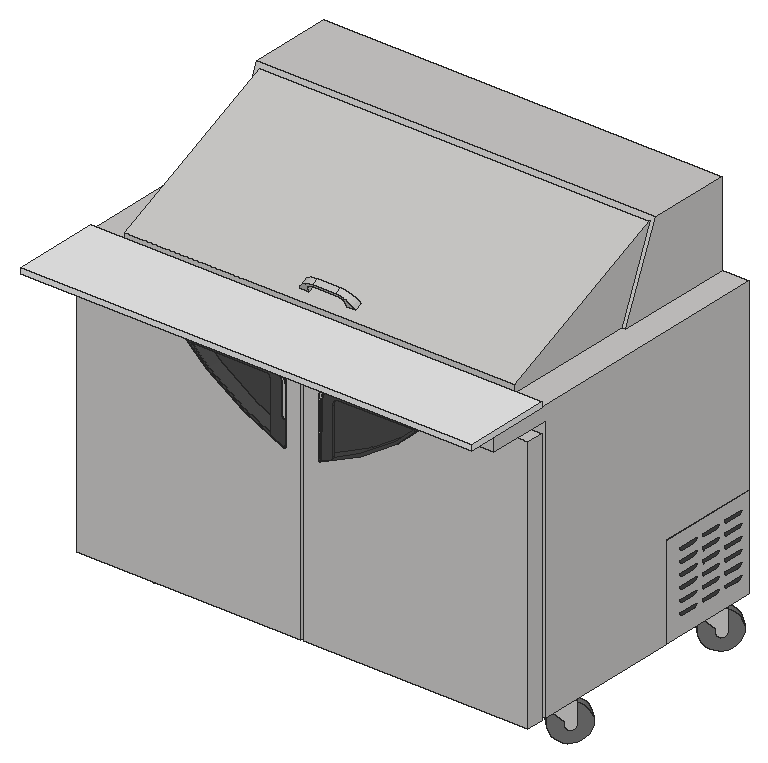
Revit family "QF_Turbo Air_TST-48SD-1842703f19-0250-4ab9-a8a5-928e6c5f2d5a", category Specialty Equipment, Revit 2012
Parameters
  Weight in Pounds = 264
  Watermarked By = "http://revitwatermark.com"
  Volts = 115 V
  URL Cutsheet = ""
  URL = "www.turboairinc.com"
  Status [instance] = ""
  Specification by User [instance] = ""
  Specification by Manufacturer [instance] = ""
  Serial Number [instance] = ""
  Revision Code [instance] = ""
  Phase = 1
  Number of Poles [instance] = 1
  NAFEM Spec ID Number [instance] = ""
  Model = "TST-48SD-18"
  Masterspec [instance] = ""
  Manufacturer = "Turbo Air"  # constant formula
  Legs [instance] = [6 inch Legs]  # no
  Item Number [instance] = "-"
  Installed By [instance] = ""
  HP = "1/3"
  Furnished By [instance] = ""
  Foodservice Equipment Identifier = yes
  FL Amps = 6.5 A
  Electrical Remarks [instance] = ""
  Electric Connection Type [instance] = ""
  Elec Conn RI Height [instance] = 0' - 0"
  Elec Conn Connection Height = 1' - 0"
  Description = "Mega Top Unit"
  Cycle = 60 Hz
  Conn Plug = "NEMA 5-15P"
  Casters [instance] = not(Legs)  # yes
  CasterLeg Height [instance] = if([4 inch Casters], 0' 5", if([5 inch Casters], 0' 5 3/4", if([2_5 inch Casters], 0' 3 3/8", 0' 6")))  # 0' - 5"
  CSI MasterFormat = "11 41 13"
  Assembly Code = "E1090320"
  Apparent Power = if(Phase = 3, Volts * FL Amps * 1.73, Volts * FL Amps)  # 747.5 VA
  6 inch Legs [instance] = no
  5 inch Casters [instance] = no
  4 inch Casters [instance] = yes
  2_5 inch Casters [instance] = no
Reference planes (in)
  plane 1 "BACK": y = 0
  plane 2: z = 0
  plane 3 "LEFT": x = -20.78844
  plane 4 "Bottom": z = 5
  plane 5 "Back Stops": y = 1
  plane 6 "RIGHT": x = 27.46156
  plane 7 "Door Clearance": y = -51.75
  plane 8 "Counter Top": z = 35
  plane 9 "TOP": z = 44
  plane 10 "Top of Door": z = 32.5
  plane 11 "Handle LR": x = 3.33656
  plane 12 "Lid Clearance": z = 50.875
  plane 13 "Front of Ledge": y = -34
  plane 14 "FRONT": y = -37
  plane 15 "Front of Door": y = -29.5
  plane 16 "Front of Box": y = -27.125
  plane 17 "Left of Lid Cover": x = -17.97594
  plane 18 "Left of Lid": x = -17.47594
  plane 19 "Right of Lid Cover": x = 24.64906
  plane 20 "Right of Lid": x = 24.14906
  plane 21: x = 3.52406
  plane 22: x = 3.14906
Forms (in)
  Extrusion 1, solid, material "QF_Finishes_Stainless Steel"
    sketch origin (-20.78844, 0, 0) x (0, 1, 0) y (0, 0, 1)
      loop
        line (0, 5) -> (0, 35) -> (-34, 35) -> (-34, 33.5) -> (-27.125, 33.5) -> (-27.125, 5) -> (0, 5)
    from 0 to 48.25
  Extrusion 2, solid, material "QF_Finishes_Black"
    sketch origin (0, -27.125, 0) x (1, 0, 0) y (0, 0, 1)
      loop
        line (4.52406, 31.5) -> (4.52406, 6) -> (26.46156, 6) -> (26.46156, 31.5) -> (4.52406, 31.5)
      loop
        line (-19.78844, 31.5) -> (-19.78844, 6) -> (2.14906, 6) -> (2.14906, 31.5) -> (-19.78844, 31.5)
    from 0 to 0.5
  Extrusion 3, solid, material "QF_Finishes_Stainless Steel"
    sketch origin (-17.97594, 0, 0) x (0, 1, 0) y (0, 0, 1)
      loop
        line (0, 35) -> (0, 44) -> (-8.875, 44) -> (-12.8125, 35) -> (0, 35)
    from 0 to 42.625
  Extrusion 4, solid, material "QF_Finishes_Stainless Steel"
    sketch origin (-17.47594, 0, 0) x (0, 1, 0) y (0, 0, 1)
      loop
        line (-12.8125, 35) -> (-9.07541, 43.54192) -> (-27.125, 35.75) -> (-27.125, 35) -> (-12.8125, 35)
    from 0 to 41.625
  Extrusion 5, solid, material "QF_Finishes_Stainless Steel"
    sketch origin (-8.25, -9.80904, -0.49896) x (1, 0, 0) y (0, -0.396341, 0.918103)
      loop
        line (13.58656, 40.14331) -> (14.58656, 40.14331)
        arc (14.58656, 40.14331) -> (13.91185, 41.04872) -> (12.83656, 41.39331) r 1.85
        line (12.83656, 41.39331) -> (10.33656, 41.39331)
        arc (10.33656, 41.39331) -> (9.26127, 41.04872) -> (8.58656, 40.14331) r 1.85
        line (8.58656, 40.14331) -> (9.58656, 40.14331) -> (9.58656, 40.64331)
        arc (9.58656, 40.64331) -> (9.73301, 40.99687) -> (10.08656, 41.14331) r 0.5
        line (10.08656, 41.14331) -> (13.08656, 41.14331)
        arc (13.08656, 41.14331) -> (13.44011, 40.99687) -> (13.58656, 40.64331) r 0.5
        line (13.58656, 40.64331) -> (13.58656, 40.14331)
    from -0.375 to 0.375
  Extrusion 6, void
    sketch origin (27.46156, 0, 0) x (0, 1, 0) y (0, 0, 1)
      loop
        line (0, 5) -> (0, 15) -> (-11, 15) -> (-11, 5) -> (0, 5)
    from 0 to -1
  Extrusion 7, solid, material "QF_Finishes_Stainless Steel"
    sketch origin (27.46156, 0, 0) x (0, 1, 0) y (0, 0, 1)
      loop
        line (-10.875, 14.875) -> (-10.875, 5) -> (0, 5) -> (0, 14.875) -> (-10.875, 14.875)
      loop
        arc (-9.25, 13.5) -> (-9.10355, 13.14645) -> (-8.75, 13) r 0.5
        line (-8.75, 13) -> (-7.25, 13)
        arc (-7.25, 13) -> (-6.89645, 13.14645) -> (-6.75, 13.5) r 0.5
        line (-6.75, 13.5) -> (-9.25, 13.5)
      loop
        arc (-6.25, 13.5) -> (-6.10355, 13.14645) -> (-5.75, 13) r 0.5
        line (-5.75, 13) -> (-4.25, 13)
        arc (-4.25, 13) -> (-3.89645, 13.14645) -> (-3.75, 13.5) r 0.5
        line (-3.75, 13.5) -> (-6.25, 13.5)
      loop
        arc (-3.25, 13.5) -> (-3.10355, 13.14645) -> (-2.75, 13) r 0.5
        line (-2.75, 13) -> (-1.25, 13)
        arc (-1.25, 13) -> (-0.89645, 13.14645) -> (-0.75, 13.5) r 0.5
        line (-0.75, 13.5) -> (-3.25, 13.5)
      loop
        arc (-9.25, 12.25) -> (-9.10355, 11.89645) -> (-8.75, 11.75) r 0.5
        line (-8.75, 11.75) -> (-7.25, 11.75)
        arc (-7.25, 11.75) -> (-6.89645, 11.89645) -> (-6.75, 12.25) r 0.5
        line (-6.75, 12.25) -> (-9.25, 12.25)
      loop
        arc (-6.25, 12.25) -> (-6.10355, 11.89645) -> (-5.75, 11.75) r 0.5
        line (-5.75, 11.75) -> (-4.25, 11.75)
        arc (-4.25, 11.75) -> (-3.89645, 11.89645) -> (-3.75, 12.25) r 0.5
        line (-3.75, 12.25) -> (-6.25, 12.25)
      loop
        arc (-3.25, 12.25) -> (-3.10355, 11.89645) -> (-2.75, 11.75) r 0.5
        line (-2.75, 11.75) -> (-1.25, 11.75)
        arc (-1.25, 11.75) -> (-0.89645, 11.89645) -> (-0.75, 12.25) r 0.5
        line (-0.75, 12.25) -> (-3.25, 12.25)
      loop
        arc (-9.25, 11) -> (-9.10355, 10.64645) -> (-8.75, 10.5) r 0.5
        line (-8.75, 10.5) -> (-7.25, 10.5)
        arc (-7.25, 10.5) -> (-6.89645, 10.64645) -> (-6.75, 11) r 0.5
        line (-6.75, 11) -> (-9.25, 11)
      loop
        arc (-6.25, 11) -> (-6.10355, 10.64645) -> (-5.75, 10.5) r 0.5
        line (-5.75, 10.5) -> (-4.25, 10.5)
        arc (-4.25, 10.5) -> (-3.89645, 10.64645) -> (-3.75, 11) r 0.5
        line (-3.75, 11) -> (-6.25, 11)
      loop
        arc (-3.25, 11) -> (-3.10355, 10.64645) -> (-2.75, 10.5) r 0.5
        line (-2.75, 10.5) -> (-1.25, 10.5)
        arc (-1.25, 10.5) -> (-0.89645, 10.64645) -> (-0.75, 11) r 0.5
        line (-0.75, 11) -> (-3.25, 11)
      loop
        arc (-9.25, 9.75) -> (-9.10355, 9.39645) -> (-8.75, 9.25) r 0.5
        line (-8.75, 9.25) -> (-7.25, 9.25)
        arc (-7.25, 9.25) -> (-6.89645, 9.39645) -> (-6.75, 9.75) r 0.5
        line (-6.75, 9.75) -> (-9.25, 9.75)
      loop
        arc (-6.25, 9.75) -> (-6.10355, 9.39645) -> (-5.75, 9.25) r 0.5
        line (-5.75, 9.25) -> (-4.25, 9.25)
        arc (-4.25, 9.25) -> (-3.89645, 9.39645) -> (-3.75, 9.75) r 0.5
        line (-3.75, 9.75) -> (-6.25, 9.75)
      loop
        arc (-3.25, 9.75) -> (-3.10355, 9.39645) -> (-2.75, 9.25) r 0.5
        line (-2.75, 9.25) -> (-1.25, 9.25)
        arc (-1.25, 9.25) -> (-0.89645, 9.39645) -> (-0.75, 9.75) r 0.5
        line (-0.75, 9.75) -> (-3.25, 9.75)
      loop
        arc (-9.25, 8.5) -> (-9.10355, 8.14645) -> (-8.75, 8) r 0.5
        line (-8.75, 8) -> (-7.25, 8)
        arc (-7.25, 8) -> (-6.89645, 8.14645) -> (-6.75, 8.5) r 0.5
        line (-6.75, 8.5) -> (-9.25, 8.5)
      loop
        arc (-6.25, 8.5) -> (-6.10355, 8.14645) -> (-5.75, 8) r 0.5
        line (-5.75, 8) -> (-4.25, 8)
        arc (-4.25, 8) -> (-3.89645, 8.14645) -> (-3.75, 8.5) r 0.5
        line (-3.75, 8.5) -> (-6.25, 8.5)
      loop
        arc (-3.25, 8.5) -> (-3.10355, 8.14645) -> (-2.75, 8) r 0.5
        line (-2.75, 8) -> (-1.25, 8)
        arc (-1.25, 8) -> (-0.89645, 8.14645) -> (-0.75, 8.5) r 0.5
        line (-0.75, 8.5) -> (-3.25, 8.5)
      loop
        arc (-9.25, 7.25) -> (-9.10355, 6.89645) -> (-8.75, 6.75) r 0.5
        line (-8.75, 6.75) -> (-7.25, 6.75)
        arc (-7.25, 6.75) -> (-6.89645, 6.89645) -> (-6.75, 7.25) r 0.5
        line (-6.75, 7.25) -> (-9.25, 7.25)
      loop
        arc (-6.25, 7.25) -> (-6.10355, 6.89645) -> (-5.75, 6.75) r 0.5
        line (-5.75, 6.75) -> (-4.25, 6.75)
        arc (-4.25, 6.75) -> (-3.89645, 6.89645) -> (-3.75, 7.25) r 0.5
        line (-3.75, 7.25) -> (-6.25, 7.25)
      loop
        arc (-3.25, 7.25) -> (-3.10355, 6.89645) -> (-2.75, 6.75) r 0.5
        line (-2.75, 6.75) -> (-1.25, 6.75)
        arc (-1.25, 6.75) -> (-0.89645, 6.89645) -> (-0.75, 7.25) r 0.5
        line (-0.75, 7.25) -> (-3.25, 7.25)
    from 0 to -1
  Extrusion 8, solid, material "QF_Finishes_Black"
    sketch origin (27.46156, 0, 0) x (0, 1, 0) y (0, 0, 1)
      loop
        line (-9.875, 13.95221) -> (-9.875, 6.20221) -> (-0.375, 6.20221) -> (-0.375, 13.95221) -> (-9.875, 13.95221)
    from -0.125 to -1
  Extrusion 9, solid, material "QF_Finishes_Black"
    sketch origin (0, 0, 0) x (1, 0, 0) y (0, 0, 1)
      loop
        circle (-14.66344, 30.1875) r 0.5
      loop
        circle (21.33656, 30.1875) r 0.5
    from 0 to -1
  Extrusion 10, solid, material "QF_Finishes_Stainless Steel"
    sketch origin (0, 0, 0) x (1, 0, 0) y (0, 0, 1)
      loop
        circle (23.46156, 11.125) r 0.25
    from 0 to -0.0625
  Extrusion 11, solid, material "QF_Finishes_White"
    sketch origin (-20.78844, 0, 0) x (0, 1, 0) y (0, 0, 1)
      loop
        line (-37, 35) -> (-27.625, 35) -> (-27.625, 35.5) -> (-37, 35.5) -> (-37, 35)
    from 0 to 48.25
  Extrusion 12, solid, material "QF_Finishes_Clearances", detail levels coarse
    sketch origin (-17.47594, 0, 0) x (0, 1, 0) y (0, 0, 1)
      loop
        arc (-16.49707, 50.65572) -> (-24.34172, 45.00726) -> (-27.125, 35.75) r 15.03231
        line (-27.125, 35.75) -> (-9.42266, 43.39202) -> (-15.77984, 50.875) -> (-16.49707, 50.65572)
    from 0 to 41.625
Cuts and joins
  Extrusion 6 cuts Extrusion 1
Lines and regions (in)
  symbolic lines
    curve 1: line (-20.78844, 0, 35) -> (27.46156, 0, 35)
    curve 2: line (-20.78844, -37, 35) -> (-20.78844, 0, 35)
    curve 3: line (27.46156, -37, 35) -> (-20.78844, -37, 35)
    curve 4: line (27.46156, 0, 35) -> (27.46156, -37, 35)
    curve 5: line (20.83656, 1, 35) -> (21.83656, 1, 35)
    curve 6: line (-15.16344, 1, 35) -> (-14.16344, 1, 35)
    curve 7: line (-15.16344, 1, 35) -> (-15.16344, 0, 35)
    curve 8: line (-14.16344, 1, 35) -> (-14.16344, 0, 35)
    curve 9: line (20.83656, 1, 35) -> (20.83656, 0, 35)
    curve 10: line (21.83656, 1, 35) -> (21.83656, 0, 35)
    curve 11: line (1.33656, -25.37519, 35) -> (0.33656, -25.37519, 35)
    curve 12: line (0.33656, -25.37519, 35) -> (0.33656, -26.07034, 35)
    curve 13: line (1.33656, -25.58383, 35) -> (1.33656, -25.37519, 35)
    curve 14: line (5.06641, -26.55919, 35) -> (2.09567, -26.55919, 35)
    curve 15: line (4.74906, -25.77153, 35) -> (1.84112, -25.77153, 35)
    curve 16: line (5.33656, -25.37519, 35) -> (5.33656, -25.56289, 35)
    curve 17: line (6.33656, -25.37519, 35) -> (5.33656, -25.37519, 35)
    curve 18: line (6.33656, -26.07034, 35) -> (6.33656, -25.37519, 35)
    curve 19: spline (6.33656, -26.07034, 35) -> (6.27964, -26.14047, 35) -> (6.21087, -26.20706, 35) -> (6.13093, -26.26945, 35) -> (6.04058, -26.32703, 35) -> (5.94073, -26.37924, 35) -> (5.83233, -26.42556, 35) -> (5.71646, -26.46556, 35) -> (5.59423, -26.49882, 35) -> (5.46685, -26.52504, 35) -> (5.33556, -26.54395, 35) -> (5.20165, -26.55537, 35) -> (5.06641, -26.55919, 35)
    curve 20: spline (1.84112, -25.77153, 35) -> (1.77526, -25.76992, 35) -> (1.71053, -25.76513, 35) -> (1.64803, -25.75724, 35) -> (1.58884, -25.74638, 35) -> (1.53396, -25.73274, 35) -> (1.48434, -25.71655, 35) -> (1.44082, -25.69809, 35) -> (1.40416, -25.67768, 35) -> (1.37497, -25.65566, 35) -> (1.35375, -25.63241, 35) -> (1.34088, -25.60833, 35) -> (1.33656, -25.58383, 35)
    curve 21: spline (5.33656, -25.56289, 35) -> (5.33153, -25.59012, 35) -> (5.31654, -25.61689, 35) -> (5.29184, -25.64273, 35) -> (5.25785, -25.66721, 35) -> (5.21515, -25.6899, 35) -> (5.16448, -25.71042, 35) -> (5.10671, -25.72841, 35) -> (5.04281, -25.74358, 35) -> (4.97388, -25.75565, 35) -> (4.90111, -25.76442, 35) -> (4.82574, -25.76974, 35) -> (4.74906, -25.77153, 35)
    curve 22: spline (2.09567, -26.55919, 35) -> (1.90096, -26.5553, 35) -> (1.70844, -26.54368, 35) -> (1.52025, -26.52446, 35) -> (1.33853, -26.49785, 35) -> (1.1653, -26.46415, 35) -> (1.0025, -26.42374, 35) -> (0.85197, -26.37708, 35) -> (0.71539, -26.32468, 35) -> (0.5943, -26.26714, 35) -> (0.49005, -26.20509, 35) -> (0.40382, -26.13925, 35) -> (0.33656, -26.07034, 35)
    curve 49: line (-20.78844, -27.625, 35) -> (27.46156, -27.625, 35)
    curve 50: line (-20.78844, -27.125, 35) -> (27.46156, -27.125, 35)
    curve 75: line (-17.97594, 0, 35) -> (-17.97594, -12.8125, 35)
    curve 76: line (-17.97594, -12.8125, 35) -> (-17.47594, -12.8125, 35)
    curve 77: line (24.64906, 0, 35) -> (24.64906, -12.8125, 35)
    curve 78: line (24.64906, -12.8125, 35) -> (24.14906, -12.8125, 35)
    curve 79: line (24.64906, -8.875, 35) -> (-17.97594, -8.875, 35)
    curve 80: line (-17.47594, -8.875, 35) -> (-17.47594, -27.125, 35)
    curve 81: line (24.14906, -27.125, 35) -> (24.14906, -8.875, 35)
  symbolic lines, style "QF_Clearances", detail levels coarse
    curve 23: line (27.46156, -37, 35) -> (27.46156, -51.75, 35)
    curve 24: arc (27.46156, -51.75, 35) -> (14.19212, -47.72286, 35) -> (5.39915, -37, 35) r 23.875
    curve 82: line (-20.78844, -37, 35) -> (-20.78844, -51.75, 35)
    curve 83: arc (-20.78844, -51.75, 35) -> (-7.519, -47.72286, 35) -> (1.27397, -37, 35) r 23.875
  symbolic lines, style "QF_Surface Details"
    curve 25: line (9.58656, -17.58908, 35) -> (9.58656, -13.59725, 35)
    curve 26: line (3.58656, -17.58908, 35) -> (3.58656, -13.59725, 35)
    curve 27: line (4.58656, -12.59725, 35) -> (8.58656, -12.59725, 35)
    curve 28: line (4.58656, -18.58908, 35) -> (8.58656, -18.58908, 35)
    curve 29: arc (8.58656, -12.59725, 35) -> (9.29367, -12.89014, 35) -> (9.58656, -13.59725, 35) r 1
    curve 30: arc (4.58656, -12.59725, 35) -> (3.87945, -12.89014, 35) -> (3.58656, -13.59725, 35) r 1
    curve 31: arc (3.58656, -17.58908, 35) -> (3.87945, -18.29619, 35) -> (4.58656, -18.58908, 35) r 1
    curve 32: arc (8.58656, -18.58908, 35) -> (9.29367, -18.29619, 35) -> (9.58656, -17.58908, 35) r 1
    curve 33: line (9.58656, -20.58908, 35) -> (9.58656, -24.51282, 35)
    curve 34: line (3.58656, -20.48748, 35) -> (3.58656, -24.58092, 35)
    curve 35: line (4.58656, -25.58092, 35) -> (8.51846, -25.58092, 35)
    curve 36: line (4.48495, -19.58908, 35) -> (8.58656, -19.58908, 35)
    curve 37: arc (8.51846, -25.58092, 35) -> (9.27372, -25.26808, 35) -> (9.58656, -24.51282, 35) r 1.0681
    curve 38: arc (4.58656, -25.58092, 35) -> (3.87945, -25.28803, 35) -> (3.58656, -24.58092, 35) r 1
    curve 39: arc (3.58656, -20.48748, 35) -> (3.84969, -19.85222, 35) -> (4.48495, -19.58908, 35) r 0.89839
    curve 40: arc (8.58656, -19.58908, 35) -> (9.29367, -19.88198, 35) -> (9.58656, -20.58908, 35) r 1
    curve 41: line (9.58656, -10.59725, 35) -> (9.58656, -6.60541, 35)
    curve 42: line (3.58656, -10.59725, 35) -> (3.58656, -6.60541, 35)
    curve 43: line (4.58656, -5.60541, 35) -> (8.58656, -5.60541, 35)
    curve 44: line (4.58656, -11.59725, 35) -> (8.58656, -11.59725, 35)
    curve 45: arc (8.58656, -5.60541, 35) -> (9.29367, -5.8983, 35) -> (9.58656, -6.60541, 35) r 1
    curve 46: arc (4.58656, -5.60541, 35) -> (3.87945, -5.8983, 35) -> (3.58656, -6.60541, 35) r 1
    curve 47: arc (3.58656, -10.59725, 35) -> (3.87945, -11.30435, 35) -> (4.58656, -11.59725, 35) r 1
    curve 48: arc (8.58656, -11.59725, 35) -> (9.29367, -11.30435, 35) -> (9.58656, -10.59725, 35) r 1
    curve 51: line (16.08656, -17.58908, 35) -> (16.08656, -13.59725, 35)
    curve 52: line (10.08656, -17.58908, 35) -> (10.08656, -13.59725, 35)
    curve 53: line (11.08656, -12.59725, 35) -> (15.08656, -12.59725, 35)
    curve 54: line (11.08656, -18.58908, 35) -> (15.08656, -18.58908, 35)
    curve 55: arc (15.08656, -12.59725, 35) -> (15.79367, -12.89014, 35) -> (16.08656, -13.59725, 35) r 1
    curve 56: arc (11.08656, -12.59725, 35) -> (10.37945, -12.89014, 35) -> (10.08656, -13.59725, 35) r 1
    curve 57: arc (10.08656, -17.58908, 35) -> (10.37945, -18.29619, 35) -> (11.08656, -18.58908, 35) r 1
    curve 58: arc (15.08656, -18.58908, 35) -> (15.79367, -18.29619, 35) -> (16.08656, -17.58908, 35) r 1
    curve 59: line (16.08656, -10.59725, 35) -> (16.08656, -6.60541, 35)
    curve 60: line (10.08656, -10.59725, 35) -> (10.08656, -6.60541, 35)
    curve 61: line (11.08656, -5.60541, 35) -> (15.08656, -5.60541, 35)
    curve 62: line (11.08656, -11.59725, 35) -> (15.08656, -11.59725, 35)
    curve 63: arc (15.08656, -5.60541, 35) -> (15.79367, -5.8983, 35) -> (16.08656, -6.60541, 35) r 1
    curve 64: arc (11.08656, -5.60541, 35) -> (10.37945, -5.8983, 35) -> (10.08656, -6.60541, 35) r 1
    curve 65: arc (10.08656, -10.59725, 35) -> (10.37945, -11.30435, 35) -> (11.08656, -11.59725, 35) r 1
    curve 66: arc (15.08656, -11.59725, 35) -> (15.79367, -11.30435, 35) -> (16.08656, -10.59725, 35) r 1
    curve 67: line (22.58656, -10.59725, 35) -> (22.58656, -6.60541, 35)
    curve 68: line (16.58656, -10.59725, 35) -> (16.58656, -6.60541, 35)
    curve 69: line (17.58656, -5.60541, 35) -> (21.58656, -5.60541, 35)
    curve 70: line (17.58656, -11.59725, 35) -> (21.58656, -11.59725, 35)
    curve 71: arc (21.58656, -5.60541, 35) -> (22.29367, -5.8983, 35) -> (22.58656, -6.60541, 35) r 1
    curve 72: arc (17.58656, -5.60541, 35) -> (16.87945, -5.8983, 35) -> (16.58656, -6.60541, 35) r 1
    curve 73: arc (16.58656, -10.59725, 35) -> (16.87945, -11.30435, 35) -> (17.58656, -11.59725, 35) r 1
    curve 74: arc (21.58656, -11.59725, 35) -> (22.29367, -11.30435, 35) -> (22.58656, -10.59725, 35) r 1
    curve 84: line (22.58656, -17.58908, 35) -> (22.58656, -13.59725, 35)
    curve 85: line (16.58656, -17.58908, 35) -> (16.58656, -13.59725, 35)
    curve 86: line (17.58656, -12.59725, 35) -> (21.58656, -12.59725, 35)
    curve 87: line (17.58656, -18.58908, 35) -> (21.58656, -18.58908, 35)
    curve 88: arc (21.58656, -12.59725, 35) -> (22.29367, -12.89014, 35) -> (22.58656, -13.59725, 35) r 1
    curve 89: arc (17.58656, -12.59725, 35) -> (16.87945, -12.89014, 35) -> (16.58656, -13.59725, 35) r 1
    curve 90: arc (16.58656, -17.58908, 35) -> (16.87945, -18.29619, 35) -> (17.58656, -18.58908, 35) r 1
    curve 91: arc (21.58656, -18.58908, 35) -> (22.29367, -18.29619, 35) -> (22.58656, -17.58908, 35) r 1
    curve 92: line (16.08656, -24.58092, 35) -> (16.08656, -20.58908, 35)
    curve 93: line (10.08656, -24.58092, 35) -> (10.08656, -20.58908, 35)
    curve 94: line (11.08656, -19.58908, 35) -> (15.08656, -19.58908, 35)
    curve 95: line (11.08656, -25.58092, 35) -> (15.08656, -25.58092, 35)
    curve 96: arc (15.08656, -19.58908, 35) -> (15.79367, -19.88198, 35) -> (16.08656, -20.58908, 35) r 1
    curve 97: arc (11.08656, -19.58908, 35) -> (10.37945, -19.88198, 35) -> (10.08656, -20.58908, 35) r 1
    curve 98: arc (10.08656, -24.58092, 35) -> (10.37945, -25.28803, 35) -> (11.08656, -25.58092, 35) r 1
    curve 99: arc (15.08656, -25.58092, 35) -> (15.79367, -25.28803, 35) -> (16.08656, -24.58092, 35) r 1
    curve 100: line (22.58656, -24.58092, 35) -> (22.58656, -20.58908, 35)
    curve 101: line (16.58656, -24.58092, 35) -> (16.58656, -20.58908, 35)
    curve 102: line (17.58656, -19.58908, 35) -> (21.58656, -19.58908, 35)
    curve 103: line (17.58656, -25.58092, 35) -> (21.58656, -25.58092, 35)
    curve 104: arc (21.58656, -19.58908, 35) -> (22.29367, -19.88198, 35) -> (22.58656, -20.58908, 35) r 1
    curve 105: arc (17.58656, -19.58908, 35) -> (16.87945, -19.88198, 35) -> (16.58656, -20.58908, 35) r 1
    curve 106: arc (16.58656, -24.58092, 35) -> (16.87945, -25.28803, 35) -> (17.58656, -25.58092, 35) r 1
    curve 107: arc (21.58656, -25.58092, 35) -> (22.29367, -25.28803, 35) -> (22.58656, -24.58092, 35) r 1
    curve 108: line (-2.91344, -17.58908, 35) -> (-2.91344, -13.59725, 35)
    curve 109: line (3.08656, -17.58908, 35) -> (3.08656, -13.59725, 35)
    curve 110: line (2.08656, -12.59725, 35) -> (-1.91344, -12.59725, 35)
    curve 111: line (2.08656, -18.58908, 35) -> (-1.91344, -18.58908, 35)
    curve 112: arc (-1.91344, -12.59725, 35) -> (-2.62055, -12.89014, 35) -> (-2.91344, -13.59725, 35) r 1
    curve 113: arc (2.08656, -12.59725, 35) -> (2.79367, -12.89014, 35) -> (3.08656, -13.59725, 35) r 1
    curve 114: arc (3.08656, -17.58908, 35) -> (2.79367, -18.29619, 35) -> (2.08656, -18.58908, 35) r 1
    curve 115: arc (-1.91344, -18.58908, 35) -> (-2.62055, -18.29619, 35) -> (-2.91344, -17.58908, 35) r 1
    curve 116: line (-2.91344, -20.58908, 35) -> (-2.91344, -24.51282, 35)
    curve 117: line (3.08656, -20.48748, 35) -> (3.08656, -24.58092, 35)
    curve 118: line (2.08656, -25.58092, 35) -> (-1.84534, -25.58092, 35)
    curve 119: line (2.18817, -19.58908, 35) -> (-1.91344, -19.58908, 35)
    curve 120: arc (-1.84534, -25.58092, 35) -> (-2.6006, -25.26808, 35) -> (-2.91344, -24.51282, 35) r 1.0681
    curve 121: arc (2.08656, -25.58092, 35) -> (2.79367, -25.28803, 35) -> (3.08656, -24.58092, 35) r 1
    curve 122: arc (3.08656, -20.48748, 35) -> (2.82343, -19.85222, 35) -> (2.18817, -19.58908, 35) r 0.89839
    curve 123: arc (-1.91344, -19.58908, 35) -> (-2.62055, -19.88198, 35) -> (-2.91344, -20.58908, 35) r 1
    curve 124: line (-2.91344, -10.59725, 35) -> (-2.91344, -6.60541, 35)
    curve 125: line (3.08656, -10.59725, 35) -> (3.08656, -6.60541, 35)
    curve 126: line (2.08656, -5.60541, 35) -> (-1.91344, -5.60541, 35)
    curve 127: line (2.08656, -11.59725, 35) -> (-1.91344, -11.59725, 35)
    curve 128: arc (-1.91344, -5.60541, 35) -> (-2.62055, -5.8983, 35) -> (-2.91344, -6.60541, 35) r 1
    curve 129: arc (2.08656, -5.60541, 35) -> (2.79367, -5.8983, 35) -> (3.08656, -6.60541, 35) r 1
    curve 130: arc (3.08656, -10.59725, 35) -> (2.79367, -11.30435, 35) -> (2.08656, -11.59725, 35) r 1
    curve 131: arc (-1.91344, -11.59725, 35) -> (-2.62055, -11.30435, 35) -> (-2.91344, -10.59725, 35) r 1
    curve 132: line (-9.41344, -17.58908, 35) -> (-9.41344, -13.59725, 35)
    curve 133: line (-3.41344, -17.58908, 35) -> (-3.41344, -13.59725, 35)
    curve 134: line (-4.41344, -12.59725, 35) -> (-8.41344, -12.59725, 35)
    curve 135: line (-4.41344, -18.58908, 35) -> (-8.41344, -18.58908, 35)
    curve 136: arc (-8.41344, -12.59725, 35) -> (-9.12055, -12.89014, 35) -> (-9.41344, -13.59725, 35) r 1
    curve 137: arc (-4.41344, -12.59725, 35) -> (-3.70633, -12.89014, 35) -> (-3.41344, -13.59725, 35) r 1
    curve 138: arc (-3.41344, -17.58908, 35) -> (-3.70633, -18.29619, 35) -> (-4.41344, -18.58908, 35) r 1
    curve 139: arc (-8.41344, -18.58908, 35) -> (-9.12055, -18.29619, 35) -> (-9.41344, -17.58908, 35) r 1
    curve 140: line (-9.41344, -10.59725, 35) -> (-9.41344, -6.60541, 35)
    curve 141: line (-3.41344, -10.59725, 35) -> (-3.41344, -6.60541, 35)
    curve 142: line (-4.41344, -5.60541, 35) -> (-8.41344, -5.60541, 35)
    curve 143: line (-4.41344, -11.59725, 35) -> (-8.41344, -11.59725, 35)
    curve 144: arc (-8.41344, -5.60541, 35) -> (-9.12055, -5.8983, 35) -> (-9.41344, -6.60541, 35) r 1
    curve 145: arc (-4.41344, -5.60541, 35) -> (-3.70633, -5.8983, 35) -> (-3.41344, -6.60541, 35) r 1
    curve 146: arc (-3.41344, -10.59725, 35) -> (-3.70633, -11.30435, 35) -> (-4.41344, -11.59725, 35) r 1
    curve 147: arc (-8.41344, -11.59725, 35) -> (-9.12055, -11.30435, 35) -> (-9.41344, -10.59725, 35) r 1
    curve 148: line (-15.91344, -10.59725, 35) -> (-15.91344, -6.60541, 35)
    curve 149: line (-9.91344, -10.59725, 35) -> (-9.91344, -6.60541, 35)
    curve 150: line (-10.91344, -5.60541, 35) -> (-14.91344, -5.60541, 35)
    curve 151: line (-10.91344, -11.59725, 35) -> (-14.91344, -11.59725, 35)
    curve 152: arc (-14.91344, -5.60541, 35) -> (-15.62055, -5.8983, 35) -> (-15.91344, -6.60541, 35) r 1
    curve 153: arc (-10.91344, -5.60541, 35) -> (-10.20633, -5.8983, 35) -> (-9.91344, -6.60541, 35) r 1
    curve 154: arc (-9.91344, -10.59725, 35) -> (-10.20633, -11.30435, 35) -> (-10.91344, -11.59725, 35) r 1
    curve 155: arc (-14.91344, -11.59725, 35) -> (-15.62055, -11.30435, 35) -> (-15.91344, -10.59725, 35) r 1
    curve 156: line (-15.91344, -17.58908, 35) -> (-15.91344, -13.59725, 35)
    curve 157: line (-9.91344, -17.58908, 35) -> (-9.91344, -13.59725, 35)
    curve 158: line (-10.91344, -12.59725, 35) -> (-14.91344, -12.59725, 35)
    curve 159: line (-10.91344, -18.58908, 35) -> (-14.91344, -18.58908, 35)
    curve 160: arc (-14.91344, -12.59725, 35) -> (-15.62055, -12.89014, 35) -> (-15.91344, -13.59725, 35) r 1
    curve 161: arc (-10.91344, -12.59725, 35) -> (-10.20633, -12.89014, 35) -> (-9.91344, -13.59725, 35) r 1
    curve 162: arc (-9.91344, -17.58908, 35) -> (-10.20633, -18.29619, 35) -> (-10.91344, -18.58908, 35) r 1
    curve 163: arc (-14.91344, -18.58908, 35) -> (-15.62055, -18.29619, 35) -> (-15.91344, -17.58908, 35) r 1
    curve 164: line (-9.41344, -24.58092, 35) -> (-9.41344, -20.58908, 35)
    curve 165: line (-3.41344, -24.58092, 35) -> (-3.41344, -20.58908, 35)
    curve 166: line (-4.41344, -19.58908, 35) -> (-8.41344, -19.58908, 35)
    curve 167: line (-4.41344, -25.58092, 35) -> (-8.41344, -25.58092, 35)
    curve 168: arc (-8.41344, -19.58908, 35) -> (-9.12055, -19.88198, 35) -> (-9.41344, -20.58908, 35) r 1
    curve 169: arc (-4.41344, -19.58908, 35) -> (-3.70633, -19.88198, 35) -> (-3.41344, -20.58908, 35) r 1
    curve 170: arc (-3.41344, -24.58092, 35) -> (-3.70633, -25.28803, 35) -> (-4.41344, -25.58092, 35) r 1
    curve 171: arc (-8.41344, -25.58092, 35) -> (-9.12055, -25.28803, 35) -> (-9.41344, -24.58092, 35) r 1
    curve 172: line (-15.91344, -24.58092, 35) -> (-15.91344, -20.58908, 35)
    curve 173: line (-9.91344, -24.58092, 35) -> (-9.91344, -20.58908, 35)
    curve 174: line (-10.91344, -19.58908, 35) -> (-14.91344, -19.58908, 35)
    curve 175: line (-10.91344, -25.58092, 35) -> (-14.91344, -25.58092, 35)
    curve 176: arc (-14.91344, -19.58908, 35) -> (-15.62055, -19.88198, 35) -> (-15.91344, -20.58908, 35) r 1
    curve 177: arc (-10.91344, -19.58908, 35) -> (-10.20633, -19.88198, 35) -> (-9.91344, -20.58908, 35) r 1
    curve 178: arc (-9.91344, -24.58092, 35) -> (-10.20633, -25.28803, 35) -> (-10.91344, -25.58092, 35) r 1
    curve 179: arc (-14.91344, -25.58092, 35) -> (-15.62055, -25.28803, 35) -> (-15.91344, -24.58092, 35) r 1
Dimensions and locks (in)
  "CasterLeg Height": plane 4 "Bottom" to plane 2
  locked: plane 1 "BACK" to plane 5 "Back Stops" at 1
  locked: plane 6 "RIGHT" to plane 3 "LEFT" at 48.25
  locked: plane 7 "Door Clearance" to plane 1 "BACK" at 51.75
  locked: plane 9 "TOP" to plane 8 "Counter Top" at 9
  locked: plane 8 "Counter Top" to plane 4 "Bottom" at 30
  locked: plane 10 "Top of Door" to plane 4 "Bottom" at 27.5
  locked: plane 10 "Top of Door" to Extrusion 2 sketch curve at 1  (x2)
  locked: Extrusion 2 sketch curve to plane 4 "Bottom" at 1  (x2)
  locked: Extrusion 2 sketch curve to plane 6 "RIGHT" at 1
  locked: plane 12 "Lid Clearance" to plane 8 "Counter Top" at 15.875
  locked: Extrusion 6 sketch curve to plane 1 "BACK" at 11
  locked: Extrusion 6 sketch curve to plane 4 "Bottom" at 10
  locked: plane 4 "Bottom" to Extrusion 7 sketch curve at 9.875
  locked: Extrusion 7 sketch curve to plane 1 "BACK" at 10.875
  locked: Extrusion 8 sketch curve to Extrusion 8 sketch curve at 7.75
  locked: Extrusion 8 sketch curve to plane 4 "Bottom" at 1.20221
  locked: Extrusion 8 sketch curve to Extrusion 8 sketch curve at 9.5
  locked: Extrusion 8 sketch curve to plane 1 "BACK" at 0.375
  locked: nested 2 to plane 1 "BACK" at 2.5625
  locked: plane 3 "LEFT" to nested 2 at 2.5
  locked: plane 3 "LEFT" to nested 3 at 2.5
  locked: nested 4 to plane 6 "RIGHT" at 2.5
  locked: nested 5 to plane 6 "RIGHT" at 2.5
  locked: nested 4 to plane 1 "BACK" at 2.5625
  locked: plane 8 "Counter Top" to Extrusion 9 sketch curve at 4.8125  (x2)
  locked: plane 6 "RIGHT" to Extrusion 9 sketch curve at 6.125
  locked: Extrusion 9 sketch curve to plane 3 "LEFT" at 6.125
  locked: Extrusion 10 sketch curve to plane 4 "Bottom" at 6.125
  locked: plane 6 "RIGHT" to Extrusion 10 sketch curve at 4
  locked: plane 13 "Front of Ledge" to plane 1 "BACK" at 34
  locked: plane 14 "FRONT" to plane 13 "Front of Ledge" at 3
  locked: plane 13 "Front of Ledge" to plane 15 "Front of Door" at 4.5
  locked: plane 15 "Front of Door" to plane 16 "Front of Box" at 2.375
  locked: Extrusion 1 sketch curve to plane 8 "Counter Top" at 1.5
  locked: Extrusion 11 sketch curve to plane 14 "FRONT" at 9.375
  locked: Extrusion 11 sketch curve to plane 8 "Counter Top" at 0.5
  locked: plane 1 "BACK" to Extrusion 3 sketch curve at 12.8125
  locked: plane 1 "BACK" to Extrusion 3 sketch curve at 8.875
  locked: plane 1 "BACK" to Extrusion 4 sketch curve at 12.8125
  locked: plane 9 "TOP" to Extrusion 4 sketch curve at 0.45808
  locked: Extrusion 4 sketch curve to plane 8 "Counter Top" at 0.75
  locked: plane 1 "BACK" to Extrusion 4 sketch curve at 9.07541
  locked: plane 12 "Lid Clearance" to Extrusion 12 sketch curve at 0.21928
  locked: plane 9 "TOP" to Extrusion 12 sketch curve at 0.60798
  locked: Extrusion 12 sketch curve to plane 8 "Counter Top" at 0.75
  locked: Extrusion 5 to plane 8 "Counter Top" at 2.65301
  locked: Extrusion 5 to plane 8 "Counter Top" at 2.35576
  locked: plane 3 "LEFT" to plane 17 "Left of Lid Cover" at 2.8125
  locked: plane 17 "Left of Lid Cover" to plane 18 "Left of Lid" at 0.5
  equal spacing: plane 17 "Left of Lid Cover", plane 11 "Handle LR", plane 19 "Right of Lid Cover"
  locked: plane 19 "Right of Lid Cover" to plane 6 "RIGHT" at 2.8125
  locked: plane 20 "Right of Lid" to plane 19 "Right of Lid Cover" at 0.5
  locked: Extrusion 2 sketch curve to plane 21 at 1
  locked: Extrusion 2 sketch curve to plane 22 at 1
  locked: Extrusion 2 sketch curve to plane 3 "LEFT" at 1
  plane 22 to plane 11 "Handle LR" to plane 21 = 0' - 0 3/16" locked, 0' - 0 3/16" locked
  aligned and locked: level to plane 2
  aligned and locked: nested 1 to plane 10 "Top of Door"
  aligned and locked: Extrusion 1 sketch curve to plane 1 "BACK"
  aligned and locked: Extrusion 1 sketch curve to plane 4 "Bottom"
  aligned and locked: plane 6 "RIGHT" to Extrusion 1
  aligned and locked: Extrusion 1 sketch curve to plane 8 "Counter Top"
  aligned and locked: Extrusion 3 sketch curve to plane 9 "TOP"
  aligned and locked: plane 1 "BACK" to Extrusion 3 sketch curve
  aligned and locked: Extrusion 6 sketch curve to plane 1 "BACK"
  aligned and locked: Extrusion 6 sketch curve to plane 4 "Bottom"
  aligned and locked: Extrusion 9 to plane 5 "Back Stops"
  aligned and locked: plane 1 "BACK" to curve 1
  aligned and locked: curve 4 to plane 6 "RIGHT"
  aligned and locked: plane 3 "LEFT" to curve 2
  aligned and locked: curve 5 to Extrusion 9
  aligned and locked: curve 6 to Extrusion 9
  aligned and locked: curve 11 to Extrusion 5
  aligned and locked: curve 12 to Extrusion 5
  aligned and locked: Extrusion 5 to curve 13
  aligned and locked: curve 14 to Extrusion 5
  aligned and locked: Extrusion 5 to curve 15
  aligned and locked: curve 16 to Extrusion 5
  aligned and locked: curve 17 to Extrusion 5
  aligned and locked: curve 18 to Extrusion 5
  aligned and locked: plane 13 "Front of Ledge" to Extrusion 1 sketch curve
  aligned and locked: Extrusion 1 sketch curve to plane 16 "Front of Box"
  aligned and locked: plane 14 "FRONT" to Extrusion 11 sketch curve
  aligned and locked: Extrusion 11 sketch curve to plane 8 "Counter Top"
  aligned and locked: plane 6 "RIGHT" to Extrusion 11
  aligned and locked: Extrusion 3 sketch curve to plane 8 "Counter Top"
  aligned and locked: plane 16 "Front of Box" to Extrusion 4 sketch curve
  aligned and locked: Extrusion 4 sketch curve to plane 8 "Counter Top"
  aligned and locked: Extrusion 4 to Extrusion 12 sketch curve
  aligned and locked: plane 12 "Lid Clearance" to Extrusion 12 sketch curve
  aligned and locked: plane 19 "Right of Lid Cover" to Extrusion 3
  aligned and locked: plane 20 "Right of Lid" to Extrusion 12
  aligned and locked: plane 20 "Right of Lid" to Extrusion 4
  aligned and locked: nested 6 to plane 4 "Bottom"
  aligned and locked: plane 6 "RIGHT" to nested 1
Automatic sketch dimensions
  Extrusion 7 sketch curve to plane 1 "BACK" = 0' - 0"
  Extrusion 7 sketch curve to plane 4 "Bottom" = 0' - 0"
  Extrusion 7 sketch curve to Extrusion 7 sketch curve = 0' - 1 5/8"
  Extrusion 7 sketch curve to Extrusion 7 sketch curve = 0' - 0"  (x16)
  Extrusion 7 sketch curve to Extrusion 7 sketch curve = 0' - 0 1/2"  (x31)
  Extrusion 7 sketch curve to Extrusion 7 sketch curve = 0' - 1 1/2"  (x4)
  plane 1 "BACK" to Extrusion 7 sketch curve = 0' - 1 1/4"  (x3)
  plane 4 "Bottom" to Extrusion 7 sketch curve = 0' - 1 3/4"  (x2)
  Extrusion 7 sketch curve to Extrusion 7 sketch curve = 0' - 0 3/4"  (x15)
  Extrusion 5 sketch curve to plane 11 "Handle LR" = 0' - 3"
  Extrusion 5 sketch curve to Extrusion 5 sketch curve = 0' - 1"  (x2)
  Extrusion 5 sketch curve to Extrusion 5 sketch curve = 0' - 0 1/2"  (x3)
  Extrusion 5 sketch curve to Extrusion 5 sketch curve = 0' - 0 3/4"
  plane 11 "Handle LR" to Extrusion 5 sketch curve = 0' - 1 1/4"
  Extrusion 5 sketch curve to Extrusion 5 sketch curve = 0' - 0 1/4"
  Extrusion 5 sketch curve to Extrusion 5 sketch curve = 0' - 0"
  Extrusion 5 sketch curve to Extrusion 5 sketch curve = 0' - 0.6"
  Extrusion 12 sketch curve to Extrusion 12 sketch curve = 0' - 7.07441"
  Extrusion 12 sketch curve to Extrusion 12 sketch curve = 0' - 0.71723"
  plane 8 "Counter Top" to Extrusion 12 sketch curve = 0' - 1.28026"
  plane 7 "Door Clearance" to curve 83 = 0' - 0"
  plane 7 "Door Clearance" to curve 24 = 0' - 0"
  plane 14 "FRONT" to curve 3 = 0' - 0"
  plane 16 "Front of Box" to curve 81 = 0' - 0"
  curve 78 to plane 19 "Right of Lid Cover" = 0' - 0"
  curve 76 to plane 17 "Left of Lid Cover" = 0' - 0"
  curve 76 to plane 18 "Left of Lid" = 0' - 0"
  curve 78 to plane 20 "Right of Lid" = 0' - 0"
  curve 83 to curve 50 = 0' - 0 3/4"
  curve 24 to curve 50 = 0' - 0 3/4"
  curve 83 to curve 49 = 0' - 0 1/4"
  curve 19 to curve 17 = 0' - 0.69515"
  curve 22 to curve 11 = 0' - 0.69515"
  plane 21 to curve 22 = 0' - 0.4125"
  curve 22 to curve 21 = 0' - 0.0945"
  curve 19 to curve 19 = 0' - 0.29334"
  curve 15 to curve 20 = 0' - 0.1877"
  curve 21 to curve 35 = 0' - 0.19061"
  curve 107 to plane 16 "Front of Box" = 0' - 1.54408"
  curve 98 to plane 16 "Front of Box" = 0' - 1.54408"
  curve 178 to plane 16 "Front of Box" = 0' - 1.54408"
  curve 118 to plane 16 "Front of Box" = 0' - 1.54408"
  curve 167 to plane 16 "Front of Box" = 0' - 1.54408"
  curve 38 to curve 21 = 0' - 0.01803"
  curve 98 to curve 93 = 0' - 1"
  curve 95 to curve 92 = 0' - 1"
  curve 92 to curve 101 = 0' - 0"
  curve 175 to curve 173 = 0' - 1"
  curve 170 to curve 170 = 0' - 1"
  plane 21 to curve 34 = 0' - 0 1/16"
  curve 22 to curve 34 = 0' - 1.28511"
  curve 121 to curve 121 = 0' - 1"
  curve 178 to curve 171 = 0' - 0"
  curve 103 to curve 107 = 0' - 1"
  curve 175 to curve 172 = 0' - 1"
  curve 93 to curve 33 = 0' - 0.0681"
  curve 120 to curve 120 = 0' - 1.0681"
  curve 179 to curve 176 = 0' - 3.99184"
  curve 37 to curve 97 = 0' - 3.92374"
  curve 106 to curve 105 = 0' - 3.99184"
  curve 171 to curve 168 = 0' - 3.99184"
  curve 170 to curve 169 = 0' - 3.99184"
  curve 40 to curve 97 = 0' - 0"
  curve 173 to curve 164 = 0' - 0"
  curve 169 to curve 116 = 0' - 0"
  curve 96 to curve 101 = 0' - 0"
  curve 100 to curve 100 = 0' - 3.99184"
  curve 34 to curve 39 = 0' - 4.09345"
  plane 22 to curve 117 = 0' - 0 1/16"
  curve 117 to curve 34 = 0' - 0"
  curve 122 to curve 122 = 0' - 0.89839"
  curve 105 to curve 102 = 0' - 1"
  curve 96 to curve 94 = 0' - 1"
  curve 39 to curve 36 = 0' - 0.89839"
  curve 169 to curve 166 = 0' - 1"
  curve 177 to curve 174 = 0' - 1"
  curve 119 to curve 111 = 0' - 1"
  curve 36 to curve 28 = 0' - 1"
  curve 102 to curve 91 = 0' - 1"
  curve 174 to curve 163 = 0' - 1"
  curve 96 to curve 58 = 0' - 1"
  curve 169 to curve 135 = 0' - 1"
  curve 139 to curve 139 = 0' - 1"
  curve 138 to curve 138 = 0' - 1"
  curve 57 to curve 57 = 0' - 1"
  curve 87 to curve 84 = 0' - 1"
  curve 157 to curve 132 = 0' - 0"
  curve 87 to curve 85 = 0' - 1"
  curve 51 to curve 90 = 0' - 0"
  curve 159 to curve 163 = 0' - 1"
  curve 133 to curve 115 = 0' - 0"
  curve 32 to curve 52 = 0' - 0"
  plane 22 to curve 114 = 0' - 0 1/16"
  curve 111 to curve 114 = 0' - 1"
  plane 21 to curve 31 = 0' - 0 1/16"
  curve 114 to curve 31 = 0' - 0"
  curve 90 to curve 89 = 0' - 3.99184"
  curve 25 to curve 25 = 0' - 3.99184"
  curve 84 to curve 88 = 0' - 3.99184"
  curve 31 to curve 26 = 0' - 3.99184"
  curve 157 to curve 161 = 0' - 3.99184"
  curve 163 to curve 160 = 0' - 3.99184"
  curve 51 to curve 85 = 0' - 0"
  curve 29 to curve 52 = 0' - 0"
  curve 133 to curve 137 = 0' - 3.99184"
  curve 157 to curve 136 = 0' - 0"
  curve 113 to curve 30 = 0' - 0"
  curve 137 to curve 108 = 0' - 0"
  curve 84 to curve 78 = 0' - 0.78475"
  curve 156 to curve 76 = 0' - 0.78475"
  curve 113 to curve 113 = 0' - 1"
  curve 160 to curve 160 = 0' - 1"
  curve 136 to curve 134 = 0' - 1"
  curve 56 to curve 56 = 0' - 1"
  curve 29 to curve 27 = 0' - 1"
  curve 88 to curve 86 = 0' - 1"
  curve 158 to curve 151 = 0' - 1"
  curve 53 to curve 62 = 0' - 1"
  curve 134 to curve 147 = 0' - 1"
  curve 29 to curve 44 = 0' - 1"
  curve 113 to curve 127 = 0' - 1"
  curve 86 to curve 74 = 0' - 1"
  curve 143 to curve 147 = 0' - 1"
  curve 70 to curve 68 = 0' - 1"
  curve 59 to curve 68 = 0' - 0"
  curve 48 to curve 48 = 0' - 1"
  curve 131 to curve 131 = 0' - 1"
  plane 22 to curve 130 = 0' - 0 1/16"
  curve 127 to curve 130 = 0' - 1"
  curve 70 to curve 67 = 0' - 1"
  plane 21 to curve 42 = 0' - 0 1/16"
  curve 130 to curve 42 = 0' - 0"
  curve 41 to curve 65 = 0' - 0"
  curve 151 to curve 155 = 0' - 1"
  curve 141 to curve 124 = 0' - 0"  (x2)
  curve 154 to curve 147 = 0' - 0"
  curve 155 to curve 79 = 0' - 1.72225"
  curve 140 to curve 144 = 0' - 3.99184"
  curve 80 to curve 148 = 0' - 2.26959"
  curve 48 to curve 45 = 0' - 3.99184"
  curve 149 to curve 140 = 0' - 0"
  curve 47 to curve 46 = 0' - 3.99184"
  curve 146 to curve 145 = 0' - 3.99184"
  curve 66 to curve 63 = 0' - 3.99184"
  curve 45 to curve 60 = 0' - 0"
  curve 129 to curve 46 = 0' - 0"
  curve 81 to curve 67 = 0' - 2.26959"
  curve 59 to curve 72 = 0' - 0"
  curve 152 to curve 152 = 0' - 1"
  curve 46 to curve 46 = 0' - 1"
  curve 71 to curve 71 = 0' - 1"
  curve 145 to curve 145 = 0' - 1"
  curve 129 to curve 129 = 0' - 1"
  curve 64 to curve 61 = 0' - 1"
  curve 91 to plane 20 "Right of Lid" = 0' - 1 9/16"
  curve 104 to plane 20 "Right of Lid" = 0' - 1 9/16"
  curve 67 to plane 20 "Right of Lid" = 0' - 1 9/16"
  curve 10 to plane 20 "Right of Lid" = 0' - 2 5/16"
  curve 10 to curve 9 = 0' - 1"
  curve 74 to curve 73 = 0' - 4"
  curve 107 to curve 106 = 0' - 4"
  curve 90 to curve 102 = 0' - 0"
  curve 72 to curve 63 = 0' - 0 1/2"
  curve 106 to curve 92 = 0' - 0 1/2"
  curve 90 to curve 58 = 0' - 0 1/2"
  curve 53 to curve 56 = 0' - 4"
  curve 99 to curve 98 = 0' - 4"
  curve 63 to curve 64 = 0' - 4"
  curve 52 to curve 25 = 0' - 0 1/2"
  curve 93 to curve 37 = 0' - 0 1/2"
  curve 60 to curve 45 = 0' - 0 1/2"
  curve 19 to curve 19 = 0' - 0.1"
  curve 15 to curve 38 = 0' - 0.1625"
  curve 20 to curve 118 = 0' - 0.25911"
  curve 11 to curve 120 = 0' - 2.1819"
  curve 110 to curve 112 = 0' - 4"
  curve 127 to curve 110 = 0' - 0"
  curve 124 to curve 146 = 0' - 0 1/2"
  curve 116 to curve 169 = 0' - 0 1/2"
  curve 115 to curve 133 = 0' - 0 1/2"
  curve 134 to curve 134 = 0' - 4"
  curve 147 to curve 134 = 0' - 0"
  curve 167 to curve 171 = 0' - 4"
  curve 164 to curve 178 = 0' - 0 1/2"
  curve 132 to curve 162 = 0' - 0 1/2"
  curve 147 to curve 149 = 0' - 0 1/2"
  plane 18 "Left of Lid" to curve 8 = 0' - 3 5/16"
  curve 8 to curve 7 = 0' - 1"
  plane 18 "Left of Lid" to curve 150 = 0' - 2 9/16"
  curve 160 to curve 155 = 0' - 0"
  curve 176 to curve 163 = 0' - 0"
  radius of Extrusion 9 sketch curve = 0' - 0 1/2"  (x2)
  radius of Extrusion 10 sketch curve = 0' - 0 1/4"
Nested families (in)
  nested 1: "QF_Turbo Air_TBL_Door-2" at (12.28489, -27.625, 5) x (-1, 0, 0) z (0, 0, 1), type "QF_Turbo Air_TBL_Door-2"
    with Width 1' - 11 15/16", Symbolic Lines no, Height 2' - 3 1/2", Depth 0' - 1 13/16"
  nested 2: "FESCasterLeg" at (-18.28844, -2.5625, 0), Legs <- "Legs", Casters <- "Casters", Height <- "CasterLeg Height", type "FESCasterLeg"
    with Legs no, Height 0' - 5", Casters yes, Caster Radius 0' - 2"
  nested 3: "FESCasterLeg" at (-18.28844, -22.75, 0), Legs <- "Legs", Casters <- "Casters", Height <- "CasterLeg Height", type "FESCasterLeg"
    with Legs no, Height 0' - 5", Casters yes, Caster Radius 0' - 2"
  nested 4: "FESCasterLeg" at (24.96156, -2.5625, 0), Legs <- "Legs", Casters <- "Casters", Height <- "CasterLeg Height", type "FESCasterLeg"
    with Legs no, Height 0' - 5", Casters yes, Caster Radius 0' - 2"
  nested 5: "FESCasterLeg" at (24.96156, -22.75, 0), Legs <- "Legs", Casters <- "Casters", Height <- "CasterLeg Height", type "FESCasterLeg"
    with Legs no, Height 0' - 5", Casters yes, Caster Radius 0' - 2"
  nested 6: "QF_Turbo Air_TBL_Door-2" at (-5.61177, -27.625, 5), type "QF_Turbo Air_TBL_Door-2"
    with Width 1' - 11 15/16", Symbolic Lines no, Height 2' - 3 1/2", Depth 0' - 1 13/16"
Connectors (in)
  electrical at (23.46156, 0.0625, 11.125), driven by "Number of Poles", driven by "Volts", driven by "Apparent Power"
    settings: on Extrusion 10, index 1, voltage 115 V, apparent load 747.5 VA, apparent load phase1 0 VA, apparent load phase2 0 VA, apparent load phase3 0 VA, power factor 1, load classification "Other", number of poles 1, system type 30, power factor state 1, is connector primary yes, connector utility no, sub classification motor no, connector description ""
Definition of nested family "QF_Turbo Air_TBL_Door-2"
  Parameters (values of type "QF_Turbo Air_TBL_Door-2")
    Width [instance] = 1' - 6"
    Watermarked By = "http://revitwatermark.com"
    Symbolic Lines [instance] = yes
    Manufacturer = "Turbo Air"  # constant formula
    Height [instance] = 2' - 3 1/2"
    Depth [instance] = 0' - 1 13/16"
  Reference planes (in)
    plane 1 "BACK": y = 0
    plane 2: z = 0
    plane 3 "LEFT": x = -15.17667
    plane 4: x = 2.82333
    plane 5 "FRONT": y = -1.8125
    plane 6: z = 27.5
  Forms (in)
    Extrusion 1, solid, material "QF_Finishes_Stainless Steel"
      sketch origin (0, 0, 0) x (1, 0, 0) y (0, 0, 1)
        loop
          line (-15.17667, 27.5) -> (-15.17667, 0) -> (2.82333, 0) -> (2.82333, 27.5) -> (-15.17667, 27.5)
        loop
          arc (1.26083, 23.75) -> (0.62013, 25.2968) -> (-0.92667, 25.9375) r 2.1875
          line (-0.92667, 25.9375) -> (-10.51602, 25.9375)
          arc (-10.51602, 25.9375) -> (-10.68463, 25.82502) -> (-10.64553, 25.62614) r 0.18261
          arc (-10.64553, 25.62614) -> (-5.27313, 21.0225) -> (1.01159, 17.7731) r 30.65514
          arc (1.01159, 17.7731) -> (1.18191, 17.79728) -> (1.26083, 17.95014) r 0.1875
          line (1.26083, 17.95014) -> (1.26083, 23.75)
      from 0 to 1.8125
    Extrusion 2, solid, material "QF_Finishes_Black"
      sketch origin (0, 0, 0) x (1, 0, 0) y (0, 0, 1)
        loop
          arc (-10.51602, 25.9375) -> (-10.68463, 25.82502) -> (-10.64553, 25.62614) r 0.18261
          arc (-10.64553, 25.62614) -> (-5.27313, 21.0225) -> (1.01159, 17.7731) r 30.65514
          arc (1.01159, 17.7731) -> (1.18191, 17.79728) -> (1.26083, 17.95014) r 0.1875
          line (1.26083, 17.95014) -> (1.26083, 23.75)
          arc (1.26083, 23.75) -> (0.62013, 25.2968) -> (-0.92667, 25.9375) r 2.1875
          line (-0.92667, 25.9375) -> (-10.51602, 25.9375)
      from 0 to 0.25
    Extrusion 3, solid, material "QF_Finishes_Black"
      sketch origin (0, -1.8125, 0) x (1, 0, 0) y (0, 0, 1)
        loop
          arc (-10.51602, 25.9375) -> (-10.68463, 25.82502) -> (-10.64553, 25.62614) r 0.18261
          arc (-10.64553, 25.62614) -> (-5.27313, 21.0225) -> (1.01159, 17.7731) r 30.65514
          arc (1.01159, 17.7731) -> (1.18191, 17.79728) -> (1.26083, 17.95014) r 0.1875
          line (1.26083, 17.95014) -> (1.26083, 23.75)
          arc (1.26083, 23.75) -> (0.62013, 25.2968) -> (-0.92667, 25.9375) r 2.1875
          line (-0.92667, 25.9375) -> (-10.51602, 25.9375)
        loop
          arc (-10.3612, 25.6875) -> (-5.1116, 21.21513) -> (1.01083, 18.04082) r 30.40514
          line (1.01083, 18.04082) -> (1.01083, 23.75)
          arc (1.01083, 23.75) -> (0.44335, 25.12002) -> (-0.92667, 25.6875) r 1.9375
          line (-0.92667, 25.6875) -> (-10.3612, 25.6875)
      from 0 to -1.5625
    Extrusion 4, solid, material "QF_Finishes_Stainless Steel"
      sketch origin (0, -1.8125, 0) x (1, 0, 0) y (0, 0, 1)
        loop
          line (0.8693, 23.74703) -> (0.8693, 20.9359)
          arc (0.8693, 20.9359) -> (0.97619, 20.67783) -> (1.23426, 20.57094) r 0.36497
          line (1.23426, 20.57094) -> (1.23426, 23.75728)
          arc (1.23426, 23.75728) -> (0.60343, 25.28026) -> (-0.91955, 25.9111) r 2.15381
          line (-0.91955, 25.9111) -> (-7.29364, 25.9111)
          arc (-7.29364, 25.9111) -> (-7.18686, 25.6533) -> (-6.92907, 25.54652) r 0.36457
          line (-6.92907, 25.54652) -> (-0.9302, 25.54652)
          arc (-0.9302, 25.54652) -> (0.34224, 25.01946) -> (0.8693, 23.74703) r 1.79949
      from 0 to 0.0625
    Extrusion 5, solid, material "QF_Finishes_Black"
      sketch origin (0, -1.8125, 0) x (1, 0, 0) y (0, 0, 1)
        loop
          line (-7.29579, 25.91713) -> (-10.23685, 25.91713)
          arc (-10.23685, 25.91713) -> (-10.4057, 25.80626) -> (-10.37109, 25.60724) r 0.18402
          arc (-10.37109, 25.60724) -> (-9.82156, 25.0362) -> (-9.25736, 24.47964) r 30.46741
          arc (-9.25736, 24.47964) -> (-9.13766, 24.40221) -> (-8.99771, 24.37509) r 0.37471
          line (-8.99771, 24.37509) -> (-0.92669, 24.37509)
          arc (-0.92669, 24.37509) -> (-0.48472, 24.19202) -> (-0.30165, 23.75005) r 0.62505
          line (-0.30165, 23.75005) -> (-0.30165, 18.75593)
          arc (-0.30165, 18.75593) -> (-0.23944, 18.54909) -> (-0.07345, 18.41087) r 0.375
          arc (-0.07345, 18.41087) -> (0.46451, 18.18804) -> (1.00663, 17.97553) r 30.46765
          arc (1.00663, 17.97553) -> (1.17982, 17.99636) -> (1.26095, 18.15079) r 0.18755
          line (1.26095, 18.15079) -> (1.26095, 20.57213)
          arc (1.26095, 20.57213) -> (0.98629, 20.66883) -> (0.87001, 20.93579) r 0.36461
          line (0.87001, 20.93579) -> (0.87001, 23.74835)
          arc (0.87001, 23.74835) -> (0.34256, 25.02175) -> (-0.93084, 25.54921) r 1.80086
          line (-0.93084, 25.54921) -> (-6.92787, 25.54921)
          arc (-6.92787, 25.54921) -> (-7.18803, 25.65697) -> (-7.29579, 25.91713) r 0.36792
      from 0 to 0.0625
  Lines and regions (in)
    symbolic lines, visible <- "Symbolic Lines"
      curve 1: line (-15.17667, 0, 25.96875) -> (2.82333, 0, 25.96875)
      curve 2: line (-15.17667, -1.8125, 25.96875) -> (-15.17667, 0, 25.96875)
      curve 3: line (2.82333, -1.8125, 25.96875) -> (-15.17667, -1.8125, 25.96875)
      curve 4: line (2.82333, 0, 25.96875) -> (2.82333, -1.8125, 25.96875)
  Dimensions and locks (in)
    "Width": plane 4 to plane 3 "LEFT"
    "Depth": plane 5 "FRONT" to plane 1 "BACK"
    "Height": plane 6 to plane 2
    locked: plane 4 to Extrusion 1 sketch curve at 3.75
    locked: plane 6 to Extrusion 1 sketch curve at 3.75
    locked: plane 6 to Extrusion 1 sketch curve at 9.54986
    locked: plane 4 to Extrusion 1 sketch curve at 1.5625
    locked: plane 6 to Extrusion 1 sketch curve at 1.5625
    locked: plane 4 to Extrusion 1 sketch curve at 13.33935
    locked: plane 6 to Extrusion 1 sketch curve at 1.87386
    locked: plane 6 to Extrusion 1 sketch curve at 9.7269
    locked: plane 4 to Extrusion 1 sketch curve at 1.81175
    locked: plane 4 to Extrusion 1 sketch curve at 13.46886
    locked: Extrusion 4 sketch curve to Extrusion 4 sketch curve at 0.36457
    locked: Extrusion 4 sketch curve to Extrusion 4 sketch curve at 0.36497
    locked: plane 4 to Extrusion 4 sketch curve at 1.58907
    locked: plane 6 to Extrusion 4 sketch curve at 1.5889
    plane 4 to Extrusion 4 sketch curve = 0' - 10.11697"
    locked: plane 4 to Extrusion 4 sketch curve at 9.7524
    locked: plane 4 to Extrusion 4 sketch curve at 3.74288
    locked: plane 4 to Extrusion 4 sketch curve at 3.75353
    locked: plane 6 to Extrusion 4 sketch curve at 3.74272
    locked: plane 6 to Extrusion 4 sketch curve at 3.75297
    locked: plane 6 to Extrusion 4 sketch curve at 6.92906
    locked: plane 6 to Extrusion 4 sketch curve at 6.5641
    locked: plane 4 to Extrusion 2 sketch curve at 3.75
    locked: plane 4 to Extrusion 2 sketch curve at 13.33935
    locked: plane 4 to Extrusion 2 sketch curve at 13.46886
    locked: plane 4 to Extrusion 2 sketch curve at 1.81175
    locked: plane 4 to Extrusion 2 sketch curve at 1.5625
    locked: plane 4 to Extrusion 5 sketch curve at 1.56238
    locked: plane 4 to Extrusion 5 sketch curve at 1.95332
    locked: plane 4 to Extrusion 5 sketch curve at 3.75417
    locked: plane 4 to Extrusion 5 sketch curve at 9.75121
    locked: plane 4 to Extrusion 5 sketch curve at 10.11912
    locked: plane 4 to Extrusion 5 sketch curve at 13.06018
    locked: plane 4 to Extrusion 5 sketch curve at 13.19443
    locked: plane 4 to Extrusion 5 sketch curve at 12.0807
    locked: plane 4 to Extrusion 5 sketch curve at 11.82104
    locked: plane 4 to Extrusion 5 sketch curve at 3.75003
    locked: plane 4 to Extrusion 5 sketch curve at 3.12498
    locked: plane 4 to Extrusion 5 sketch curve at 2.89679
    locked: plane 4 to Extrusion 5 sketch curve at 1.81671
    aligned and locked: level to plane 2
    aligned and locked: Extrusion 1 sketch curve to plane 6
    aligned and locked: plane 3 "LEFT" to Extrusion 1 sketch curve
    aligned and locked: level to Extrusion 1 sketch curve
    aligned and locked: Extrusion 1 sketch curve to plane 4
    aligned and locked: plane 5 "FRONT" to Extrusion 1
    aligned and locked: plane 1 "BACK" to curve 1
    aligned and locked: plane 3 "LEFT" to curve 2
    aligned and locked: curve 3 to plane 5 "FRONT"
    aligned and locked: curve 4 to plane 4
    aligned and locked: Extrusion 3 sketch curve to Extrusion 1  (x4)
  Automatic sketch dimensions
    plane 4 to Extrusion 1 sketch curve = 0' - 9.03101"
    Extrusion 2 sketch curve to plane 6 = 0' - 1 9/16"
    Extrusion 2 sketch curve to Extrusion 2 sketch curve = 0' - 5.79986"
    Extrusion 2 sketch curve to Extrusion 2 sketch curve = 0' - 0.31136"
    plane 4 to Extrusion 2 sketch curve = 0' - 9.03101"
    Extrusion 2 sketch curve to Extrusion 2 sketch curve = 0' - 0.17704"
    Extrusion 3 sketch curve to Extrusion 3 sketch curve = 0' - 0.12951"
    Extrusion 3 sketch curve to Extrusion 3 sketch curve = 0' - 0.15482"
    Extrusion 3 sketch curve to Extrusion 3 sketch curve = 0' - 0"  (x4)
    Extrusion 3 sketch curve to Extrusion 3 sketch curve = 0' - 0.00075"
    Extrusion 3 sketch curve to Extrusion 3 sketch curve = 0' - 0.09068"
    Extrusion 5 sketch curve to Extrusion 5 sketch curve = 0' - 0"  (x4)
    Extrusion 5 sketch curve to Extrusion 5 sketch curve = 0' - 0.00072"
    Extrusion 5 sketch curve to Extrusion 5 sketch curve = 0' - 2.81256"
    Extrusion 5 sketch curve to Extrusion 5 sketch curve = 0' - 0.36461"
    Extrusion 5 sketch curve to Extrusion 5 sketch curve = 0' - 1.8162"
    Extrusion 5 sketch curve to plane 6 = 0' - 1.89276"
    Extrusion 5 sketch curve to Extrusion 5 sketch curve = 0' - 0.14681"
    Extrusion 5 sketch curve to Extrusion 5 sketch curve = 0' - 0.06678"
    Extrusion 5 sketch curve to plane 6 = 0' - 1.58287"
Definition of nested family "FESCasterLeg"
  Parameters (values of type "FESCasterLeg")
    Watermarked By = "http://revitwatermark.com"
